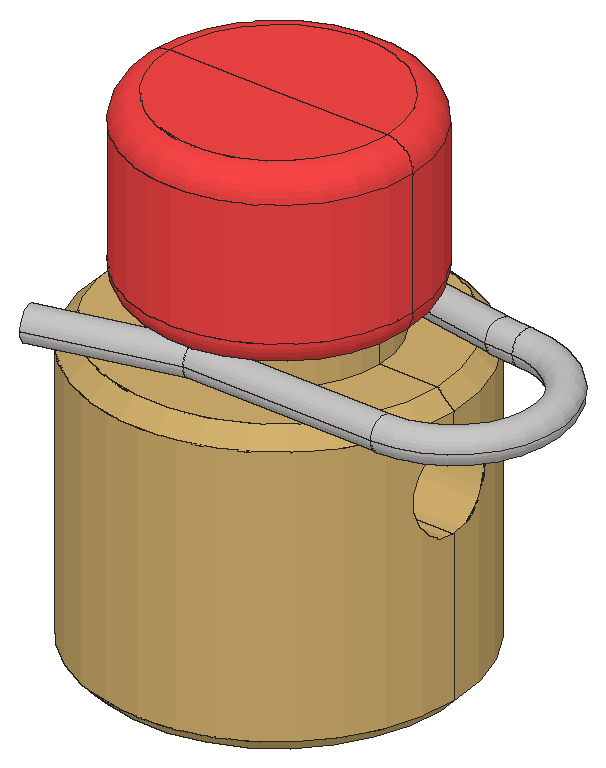
Revit family "Manual Pneumatic Actuator-JCI_Sapphire_Plus-(70bar)Novec1230", category Specialty Equipment, Revit 2017
Family settings
  Round Connector Dimension = Use Diameter
  Part Type = Normal
  OmniClass Number = 23.29.33.13.11
  Work Plane-Based = Yes
  Always vertical = Yes
  Cut with Voids When Loaded = No
  Shared = Yes
  Room Calculation Point = No
Parameters (values of type "Actuator Manual Pneumatic")
  Width = 0.00 mm
  Weight = 0.00 lbf
  URL = "http://www.sapphireplus.com"
  Product Page URL = "http://www.sapphireplus.com"
  Product Material = "JCI - Metal - Stainless Steel - Satin;JCI - Plastic-Red"
  Product Documentation Link = "http://www.sapphireplus.com"
  Part Number = Model  # "304700003"
  Part Description = Description  # "Manual Pneumatic Actuator"
  Operating Temperature = 122 °F
  Model Disclaimer = "For More Information Contact JOHNSON CONTROLS"  # constant formula
  Model = "304700003"  # constant formula
  Manufacturer = "Johnson Controls, Inc."  # constant formula
  Height = 0.00 mm
  Fire Suppression Agent = "3M™ Novec™ 1230 Fire Protection Fluid"  # constant formula
  Family Version = "1.0"  # constant formula
  Equipment Number = "XXX"  # constant formula
  Equipment Abbreviation = "MPA"
  Description = "Manual Pneumatic Actuator"  # constant formula
  Default Elevation = 1219.20 mm
  Date Modified = "YYYY/MM/DD"  # constant formula
  Date Created = "2018/10/11"  # constant formula
  Copyright © = "Copyright © 2001-2018 Johnson Controls Inc."  # constant formula
  Assembly Code = "D4090300"
Reference planes
  plane 1 "Center (Front/Back)": y = 0
  plane 2: z = 0
  plane 3 "Center (Left/Right)": x = 0
  plane 4 "Body Length": x = -20.497
  plane 5 "Knob Offset Left": x = -11.821
  plane 6 "Knob Left": x = -15.702
  plane 7 "Height Top": z = 47.045
  plane 8 "Knob Offset Height": z = 37.406
  plane 9 "Safety Clip": z = 22.781
  plane 10 "Safety Clip Center": z = 24.643
  plane 11 "Height Bottom": z = -11
  plane 12 "Boby Void Radius Center": z = 13.295
  plane 13 "Boby Void Radius": z = 18.587
  plane 14 "Boby Void Length": x = 11.821
Forms (mm)
  Sweep 1, solid, material "JCI - Metal - Stainless Steel - Satin"
    path origin (13.427, -4572, 24.643) x (0, -1, 0) y (1, 0, 0)
      loop
        arc (-4586.989, -34.804) -> (-4583.948, -31.742) -> (-4583.104, -27.509) r 7.483
        line (-4583.104, -27.509) -> (-4584.063, -17.531) -> (-4580.373, 5.767)
        arc (-4580.373, 5.767) -> (-4580.187, 7.306) -> (-4580.116, 8.854) r 20.966
        arc (-4580.116, 8.854) -> (-4569.791, 19.037) -> (-4559.56, 8.759) r 10.278
        line (-4559.56, 8.759) -> (-4559.56, -13.436) -> (-4555.297, -29.345)
    profile origin (-18.314, 11.948, 24.643) x (0.47003, 0.88265, 0) y (0, 0, 1)
      loop
        circle (0, 0) r 1.86
  Revolve 2, solid, material "JCI - Brass - Soft - Yellow - Satin"
    sketch origin (0, 0, 0) x (1, 0, 0) y (0, 0, 1)
      loop
        line (-16.393, -11) -> (-16.393, 0) -> (0, 0) -> (0, 37.406) -> (-11.821, 37.406) -> (-11.821, 22.781) -> (-18.582, 22.781) -> (-20.497, 20.865) -> (-20.497, -9.417) -> (-18.914, -11) -> (-16.393, -11)
      axis (0, 37.406) -> (0, -11)
    angle from 0 to 360
  Revolve 3, solid, material "JCI - Plastic - Red - Matte"
    sketch origin (0, 0, 0) x (1, 0, 0) y (0, 0, 1)
      loop
        line (-11.821, 26.5) -> (-11.821, 37.406) -> (0, 37.406) -> (0, 47.045) -> (-12.702, 47.045)
        arc (-12.702, 47.045) -> (-14.823, 46.167) -> (-15.702, 44.045) r 3
        line (-15.702, 44.045) -> (-15.702, 29.5)
        arc (-15.702, 29.5) -> (-14.823, 27.379) -> (-12.702, 26.5) r 3
        line (-12.702, 26.5) -> (-11.821, 26.5)
      axis (0, 47.045) -> (0, 26.5)
    angle from 0 to 360
  Revolve 4, void
    sketch origin (0, 0, 0) x (1, 0, 0) y (0, 0, 1)
      loop
        line (23.418, 13.295) -> (23.418, 18.587) -> (11.821, 18.587) -> (11.821, 13.295) -> (23.418, 13.295)
      axis (11.821, 13.295) -> (23.418, 13.295)
    angle from 0 to 360
Cuts and joins
  Revolve 4 cuts Revolve 2
Dimensions and locks
  aligned and locked: plane 2 to level
  aligned and locked: Revolve 2 sketch curve to plane 3 "Center (Left/Right)"  (x2)
  aligned and locked: Revolve 2 sketch curve to plane 8 "Knob Offset Height"
  aligned and locked: Revolve 2 sketch curve to plane 5 "Knob Offset Left"
  aligned and locked: Revolve 2 sketch curve to plane 9 "Safety Clip"
  aligned and locked: plane 11 "Height Bottom" to Revolve 2 sketch curve
  aligned and locked: level to Revolve 2 sketch curve
  aligned and locked: Revolve 3 sketch curve to plane 7 "Height Top"
  aligned and locked: plane 8 "Knob Offset Height" to Revolve 3 sketch curve
  aligned and locked: plane 5 "Knob Offset Left" to Revolve 3 sketch curve
  aligned and locked: plane 6 "Knob Left" to Revolve 3 sketch curve
  aligned and locked: Revolve 3 sketch curve to plane 3 "Center (Left/Right)"  (x2)
  aligned and locked: Revolve 2 sketch curve to plane 4 "Body Length"
  aligned and locked: plane 12 "Boby Void Radius Center" to Revolve 4 sketch curve
  aligned and locked: plane 13 "Boby Void Radius" to Revolve 4 sketch curve
  aligned and locked: Revolve 4 sketch curve to plane 12 "Boby Void Radius Center"
  aligned and locked: plane 14 "Boby Void Length" to Revolve 4 sketch curve
Automatic sketch dimensions
  Sweep 1 sketch curve to plane 1 "Center (Front/Back)" = 29.081 mm
  plane 6 "Knob Left" to Sweep 1 sketch curve = 0.904 mm
  Sweep 1 sketch curve to plane 1 "Center (Front/Back)" = 18.552 mm
  Sweep 1 sketch curve to plane 3 "Center (Left/Right)" = 4.104 mm
  Sweep 1 sketch curve to plane 1 "Center (Front/Back)" = 12.063 mm
  plane 6 "Knob Left" to Sweep 1 sketch curve = 1.62 mm
  Sweep 1 sketch curve to Sweep 1 sketch curve = 7.448 mm
  Sweep 1 sketch curve to plane 1 "Center (Front/Back)" = 8.373 mm
  plane 1 "Center (Front/Back)" to Sweep 1 sketch curve = 2.162 mm
  Sweep 1 sketch curve to Sweep 1 sketch curve = 10.278 mm
  Sweep 1 sketch curve to plane 3 "Center (Left/Right)" = 0.008 mm
  plane 3 "Center (Left/Right)" to Sweep 1 sketch curve = 19.195 mm
  Sweep 1 sketch curve to Sweep 1 sketch curve = 2.992 mm
  Sweep 1 sketch curve to Sweep 1 sketch curve = 3.28 mm
  plane 4 "Body Length" to Sweep 1 sketch curve = 0.88 mm
  Sweep 1 sketch curve to plane 6 "Knob Left" = 0.216 mm
  Sweep 1 sketch curve to Sweep 1 sketch curve = 4.263 mm
  Sweep 1 sketch curve to profile plane = 0.00 mm  (x2)
  plane 5 "Knob Offset Left" to Revolve 3 sketch curve = 0.881 mm  (x2)
  Revolve 3 sketch curve to plane 10 "Safety Clip Center" = 4.857 mm
  Revolve 3 sketch curve to plane 11 "Height Bottom" = 596.957 mm
  Revolve 3 sketch curve to Revolve 3 sketch curve = 2569.166 mm
  Revolve 2 sketch curve to plane 4 "Body Length" = 1.583 mm
  Revolve 2 sketch curve to plane 4 "Body Length" = 1.916 mm
  Revolve 2 sketch curve to plane 6 "Knob Left" = 0.691 mm
  plane 11 "Height Bottom" to Revolve 2 sketch curve = 1.583 mm
  Revolve 2 sketch curve to plane 9 "Safety Clip" = 1.916 mm
  Revolve 2 sketch curve to plane 11 "Height Bottom" = 596.957 mm
  plane 7 "Height Top" to Revolve 2 sketch curve = 2569.166 mm
  plane 14 "Boby Void Length" to Revolve 4 sketch curve = 11.597 mm
  Revolve 4 sketch curve to plane 5 "Knob Offset Left" = 4.391 mm
  plane 4 "Body Length" to Revolve 4 sketch curve = 5.949 mm
  radius of Sweep 1 sketch curve = 1.86 mm
